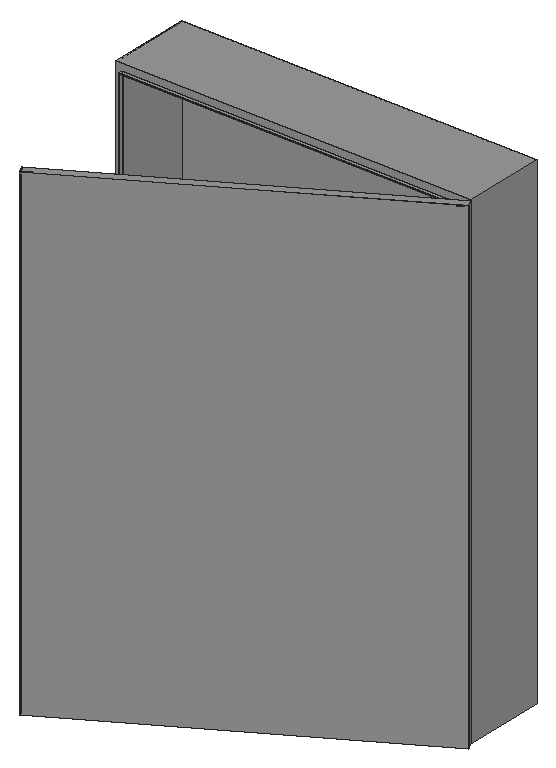
Revit family "Hager-Univers-IP44-D205-H1100-Cl.I-Encl-NoHosted-CH-fr", category Electrical Equipment, Revit 2020
Family settings
  Panel Configuration = Two Columns, Circuits Across
  Round Connector Dimension = Use Diameter
  Part Type = Panelboard
  Work Plane-Based = Yes
  Always vertical = Yes
  Cut with Voids When Loaded = No
  Shared = No
  Room Calculation Point = No
Parameters (values of type "saillie IP44 L800 H1100 P205  - FP73TN2")
  Width Control [instance] = if([EF000008 - largeur] > Min Width, [EF000008 - largeur], Min Width)  # 800 mm
  Type Comments = [HG000003 - Gamme]  # "Univers"
  Thickness Door [instance] = if([EF009171 - épaisseur de matériau de la porte/du couvercle] > 3 mm, 3 mm, [EF009171 - épaisseur de matériau de la porte/du couvercle])  # 1 mm
  Seal Frame Offset [instance] = 17 mm  # constant formula
  Plinth Visibility [instance] = [HG000027 - Hauteur du socle] > 0 mm  # no
  Min Width [instance] = 100 mm  # constant formula
  Min Depth [instance] = (2 * [EF009170 - épaisseur de matériau du boîtier]) + 1 mm  # 3 mm
  Min Height [instance] = 100 mm  # constant formula
  Internal Frame Depth [instance] = (Door System Depth * 0.5)  # 9 mm
  Panel Name [instance] = ""  # (empty or 0)
  Model = ""
  HG000027 - Hauteur du socle = 0 mm
  HG000026 - Installation au sol = no
  HG000024 - Hauteur de la section basse = 600 mm
  HG000023 - Armoire double section = no
  HG000016 - Visibilité de la porte 3D [instance] = yes
  HG000015 - Visibilité de l'emprise de la porte [instance] = no
  HG000014 - Porte à droite [instance] = yes
  HG000013 - Porte à gauche [instance] = not([HG000014 - Porte à droite])  # no
  HG000012 - Angle de pivotement de la porte [instance] = 30.00°
  HG000010 - Portes asymétriques = no
  HG000009 - Porte à double battant = no
  HG000006 - Encastré = no
  HG000004 - Référence fabricant = "FP73TN2"
  HG000003 - Gamme = "Univers"
  HG000002 - avec porte = yes
  Frame Offset Bottom [instance] = 10 mm  # constant formula
  Frame Offset [instance] = 15 mm  # constant formula
  EF015940 - couvercle avec décharge de pression = no
  EF011959 - degré de protection (NEMA) = ""
  EF009554 - nombre d'ouvertures pour plaques à bride = 6
  EF009212 - finition du couvercle = "EV000116 - fermé"
  EF009171 - épaisseur de matériau de la porte/du couvercle = 1 mm
  EF009170 - épaisseur de matériau du boîtier = 1 mm
  EF008873 - courant nominal (In) = 250 A
  EF007800 - adapté à un parafoudre = no
  EF006306 - avec serrure = no
  EF006244 - couvercle/porte transparent(e) = no
  EF005474 - indice de protection (IP) = "EV006418 - IP44"
  EF004464 - type de porte = "EV002646 - unique"
  EF004427 - nombre de modules = 252
  EF004293 - indice de protection contre les chocs (IK) = "EV006815 - IK09"
  EF003532 - convient pour utilisation à l’extérieur = no
  EF002950 - largeur en nombre de modules = 36
  EF001613 - maintien de fonction = "EV000494 - sans"
  EF001596 - matériau du boîtier/corps = "EV000179 - acier"
  EF001131 - profondeur intérieure = 130 mm
  EF001088 - possibilité de montage en saillie = yes
  EF000437 - nombre d'entrées de conduit = 6
  EF000339 - type de capot = "EV001012 - couvercle"
  EF000266 - nombre de rangées = 7
  EF000218 - profondeur d'encastrement = 205 mm
  EF000118 - avec cadre/support de montage = no
  EF000116 - numéro RAL = "9010"
  EF000049 - profondeur = 205 mm
  EF000040 - hauteur = 1100 mm
  EF000008 - largeur = 800 mm
  EF000007 - couleur = "EV000202 - blanc"
  EF000003 - mode de pose = "EV000384 - saillie"
  Door System Leaf Tolerance [instance] = 1.5 mm  # constant formula
  Door System Depth [instance] = 18 mm  # constant formula
  Door Height [instance] = Height Control - [HG000027 - Hauteur du socle]  # 1100 mm
  Description = ""
  Default Elevation = 1219.2 mm
  Connector Offset [instance] = Height Control / 2  # 550 mm
  Manufacturer = "Hager"  # constant formula
  Height Control [instance] = if([EF000040 - hauteur] > Min Height, [EF000040 - hauteur], Min Height)  # 1100 mm
  Depth Control [instance] = if([EF000049 - profondeur] > Min Depth, [EF000049 - profondeur], Min Depth)  # 205 mm
  Bottom Top Plate Trim [instance] = 1.5 mm  # constant formula
  Plinth height Ctrl [instance] = if([HG000027 - Hauteur du socle] > 0 mm, [HG000027 - Hauteur du socle], 12 mm)  # 12 mm
Types (10, lengths in mm): name | Width Control | HG000010 - Portes asymétriques | HG000009 - Porte à double battant | HG000004 - Référence fabricant | EF009554 - nombre d'ouvertures pour plaques à bride | EF004464 - type de porte | EF004427 - nombre de modules | EF002950 - largeur en nombre de modules | EF000437 - nombre d'entrées de conduit | EF000218 - profondeur d'encastrement | EF000008 - largeur
  saillie IP44 L1050 H1100 P205  - FP74QT | 1050 | no | no | "FP74QT" | 8 | "EV003602 - double" | 336 | 48 | 8 | 0 | 1050
  saillie IP44 L1050 H1100 P205  - FP74TN2 | 1050 | no | yes | "FP74TN2" | 8 | "EV003602 - double" | 336 | 48 | 8 | 205 | 1050
  saillie IP44 L1300 H1100 P205  - FP75QT | 1300 | no | no | "FP75QT" | 10 | "EV003602 - double" | 420 | 60 | 10 | 0 | 1300
  saillie IP44 L1300 H1100 P205  - FP75TN2 | 1300 | yes | yes | "FP75TN2" | 10 | "EV003602 - double" | 420 | 60 | 10 | 205 | 1300
  saillie IP44 L300 H1100 P205  - FP71QT | 300 | no | no | "FP71QT" | 2 | "EV002646 - unique" | 84 | 12 | 2 | 0 | 300
  saillie IP44 L300 H1100 P205  - FP71TN2 | 300 | no | no | "FP71TN2" | 2 | "EV002646 - unique" | 84 | 12 | 2 | 205 | 300
  saillie IP44 L550 H1100 P205  - FP72QT | 550 | no | no | "FP72QT" | 4 | "EV002646 - unique" | 168 | 24 | 4 | 0 | 550
  saillie IP44 L550 H1100 P205  - FP72TN2 | 550 | no | no | "FP72TN2" | 4 | "EV002646 - unique" | 168 | 24 | 4 | 205 | 550
  saillie IP44 L800 H1100 P205  - FP73QT | 800 | no | no | "FP73QT" | 6 | "EV002646 - unique" | 252 | 36 | 6 | 0 | 800
  saillie IP44 L800 H1100 P205  - FP73TN2 | 800 | no | no | "FP73TN2" | 6 | "EV002646 - unique" | 252 | 36 | 6 | 205 | 800
Reference planes
  plane 1 "Center (Front/Back)": y = 0
  plane 2: z = 0
  plane 3 "Center (Left/Right)": x = 0
  plane 4: y = 0
  plane 5: y = 0
  plane 6: z = 0
  plane 7: x = -400
  plane 8: x = 400
  plane 9: x = 399
  plane 10: x = -399
  plane 11: z = 0
  plane 12: z = 1
  plane 13: y = -205
  plane 14: y = -1
  plane 15: x = 0
  plane 16: y = -187
  plane 17: y = -204
  plane 18: y = -186
  plane 19: x = -384
  plane 20: x = 384
  plane 21: z = 11
  plane 22: x = -383
  plane 23: x = 383
  plane 24: z = 0
  plane 25: z = 1100
  plane 26: z = 1100
  plane 27: z = 1084
  plane 28: z = 1099
Forms (mm)
  Extrusion 1, solid, material "Hager_Steel_RAL7035_Light_Grey", detail levels medium+fine
    sketch origin (-208.679, -4572, 0) x (-1, 0, 0) y (0, -1, 0)
      loop
        line (191.321, -4385) -> (-608.679, -4385) -> (-608.679, -4572) -> (191.321, -4572) -> (191.321, -4385)
    from 0 to 1100
  Extrusion 2, void
    sketch origin (-350.771, -205, 1219.2) x (1, 0, 0) y (0, 0, 1)
      loop
        line (-48.229, -120.2) -> (-48.229, -1218.2) -> (749.771, -1218.2) -> (749.771, -120.2) -> (-48.229, -120.2)
    from -19 to -204
  Extrusion 3, void
    sketch origin (-290.084, -187, 1219.2) x (1, 0, 0) y (0, 0, 1)
      loop
        line (-93.916, -1208.2) -> (674.084, -1208.2) -> (674.084, -135.2) -> (-93.916, -135.2) -> (-93.916, -1208.2)
    from 0 to -1
  Extrusion 4, solid, material "Hager_Steel_RAL7035_Light_Grey", visible <- "Plinth Visibility", detail levels medium+fine
    sketch origin (0, 0, 0) x (1, 0, 0) y (0, 1, 0)
      loop
        line (-400, 0) -> (-400, -187) -> (400, -187) -> (400, 0) -> (-400, 0)
    from 0 to 12 <- "Plinth height Ctrl"
  Extrusion 5, solid, material "Hager_Steel_RAL7035_Light_Grey", detail levels coarse
    sketch origin (0, 0, 0) x (1, 0, 0) y (0, 1, 0)
      loop
        line (-400, 0) -> (-400, -205) -> (400, -205) -> (400, 0) -> (-400, 0)
    from 0 to 1100 <- "Height Control"
  Sweep 6, void
    path in 3D
      loop
        line (-400, -187, 12) -> (400, -187, 12) -> (400, 0, 12) -> (-400, 0, 12) -> (-400, -187, 12)
    profile origin (-400, -93.5, 12) x (1, 0, 0) y (0, 0, 1)
      loop
        line (0, 0) -> (0, -1.5) -> (1.5, -1.5)
        arc (1.5, -1.5) -> (1.061, -0.439) -> (0, 0) r 1.5
  Extrusion 7, solid, material "Hager_Steel_RAL7035_Light_Grey", detail levels fine
    sketch origin (-400, -187, 0) x (1, 0, 0) y (0, 0, 1)
      loop
        line (16, 11) -> (784, 11) -> (784, 1084) -> (16, 1084) -> (16, 11)
      loop
        line (15, 10) -> (785, 10) -> (785, 1085) -> (15, 1085) -> (15, 10)
    from 0 to 9 <- "Internal Frame Depth"
Cuts and joins
  Extrusion 2, Extrusion 3 cuts Extrusion 1
  Sweep 6 cuts Extrusion 4
Lines and regions (mm)
  Masking region 1
    outline origin (0, 0, 0) x (1, 0, 0) y (0, 1, 0)
      loop
        line (-400, 0) -> (-400, -205) -> (400, -205) -> (400, 0) -> (-400, 0)
  Masking region 2, detail levels coarse
    outline origin (-290.084, -187, 1219.2) x (-1, 0, 0) y (0, 0, 1)
      loop
        line (-690.084, -1219.2) -> (109.916, -1219.2) -> (109.916, -119.2) -> (-690.084, -119.2) -> (-690.084, -1219.2)
  Masking region 3, detail levels coarse
    outline origin (0, 0, 0) x (0, 1, 0) y (0, 0, 1)
      loop
        line (0, 0) -> (0, 1100) -> (-205, 1100) -> (-205, 0) -> (0, 0)
  Masking region 4, visible <- "Plinth Visibility", detail levels medium+fine
    outline origin (0, 0, 0) x (0, 1, 0) y (0, 0, 1)
      loop
        line (-1.5, 12) -> (-185.5, 12)
        arc (-185.5, 12) -> (-185.939, 10.939) -> (-187, 10.5) r 1.5
        line (-187, 10.5) -> (-187, 0) -> (0, 0) -> (0, 10.5)
        arc (0, 10.5) -> (-1.061, 10.939) -> (-1.5, 12) r 1.5
  Masking region 5, detail levels medium+fine
    outline origin (0, 0, 594.038) x (0, 1, 0) y (0, 0, 1)
      loop
        line (0, -594.038) -> (0, 505.962) -> (-187, 505.962) -> (-187, -594.038) -> (0, -594.038)
  Masking region 6, detail levels medium+fine
    outline origin (-359.7, -187, 1211.883) x (-1, 0, 0) y (0, 0, 1)
      loop
        line (-759.7, -1211.883) -> (40.3, -1211.883) -> (40.3, -111.883) -> (-759.7, -111.883) -> (-759.7, -1211.883)
  Masking region 7, visible <- "Plinth Visibility", detail levels medium+fine
    outline origin (-320.334, -187, 1041.368) x (-1, 0, 0) y (0, 0, 1)
      loop
        line (-720.334, -1041.368) -> (79.666, -1041.368) -> (79.666, -1030.868)
        arc (79.666, -1030.868) -> (78.606, -1030.429) -> (78.166, -1029.368) r 1.5
        line (78.166, -1029.368) -> (-718.834, -1029.368)
        arc (-718.834, -1029.368) -> (-719.273, -1030.429) -> (-720.334, -1030.868) r 1.5
        line (-720.334, -1030.868) -> (-720.334, -1041.368)
  sketch lines
    curve 1: line (-400, 0, 12) -> (-400, -187, 12)
    curve 2: line (-400, -187, 12) -> (400, -187, 12)
    curve 3: line (400, 0, 12) -> (-400, 0, 12)
    curve 4: line (400, -187, 12) -> (400, 0, 12)
Dimensions and locks
  locked: plane 1 "Center (Front/Back)" to plane 5
  "EF009170 - épaisseur de matériau du boîtier": plane 7 to plane 10
  "EF009170 - épaisseur de matériau du boîtier": plane 8 to plane 9
  equal spacing: plane 7, plane 3 "Center (Left/Right)", plane 8
  "Width Control": plane 7 to plane 8
  "Depth Control": plane 4 to plane 13
  "EF009170 - épaisseur de matériau du boîtier": plane 4 to plane 14
  "Height Control": plane 25 to level
  "HG000027 - Hauteur du socle": plane 11 to level
  "EF009170 - épaisseur de matériau du boîtier": plane 12 to plane 11
  "EF009170 - épaisseur de matériau du boîtier": plane 17 to plane 13
  "EF009170 - épaisseur de matériau du boîtier": plane 18 to plane 16
  "Frame Offset Bottom": plane 21 to plane 12
  "Frame Offset": plane 10 to plane 19
  "Frame Offset": plane 9 to plane 20
  "Door System Depth": plane 16 to plane 13
  "Seal Frame Offset": plane 7 to plane 22
  "Seal Frame Offset": plane 8 to plane 23
  "EF009170 - épaisseur de matériau du boîtier": plane 26 to plane 28
  "Frame Offset": plane 28 to plane 27
  "Connector Offset": plane 2 to connector elem
  "Bottom Top Plate Trim": profile plane to Sweep 6 sketch curve
  "Bottom Top Plate Trim": Sweep 6 sketch curve to Sweep 6 sketch curve
  "Plinth height Ctrl": Masking region 4 sketch curve to level
  "Plinth height Ctrl": Masking region 7 sketch curve to level
  "Thickness Door": Extrusion 7 sketch curve to Extrusion 7 sketch curve  (x4)
  "Bottom Top Plate Trim": radius of Sweep 6 sketch curve
  "Bottom Top Plate Trim": radius of Masking region 4 sketch curve  (x2)
  "Bottom Top Plate Trim": radius of Masking region 7 sketch curve  (x2)
  aligned and locked: Extrusion 2 sketch curve to plane 12
  aligned and locked: Extrusion 2 sketch curve to plane 9
  aligned and locked: Extrusion 2 sketch curve to plane 10
  aligned and locked: Extrusion 2 to plane 14
  aligned and locked: Extrusion 1 sketch curve to plane 4
  aligned and locked: plane 8 to Extrusion 1 sketch curve
  aligned and locked: plane 7 to Extrusion 1 sketch curve
  aligned and locked: Extrusion 2 to plane 18
  aligned and locked: Extrusion 3 sketch curve to plane 19
  aligned and locked: plane 20 to Extrusion 3 sketch curve
  aligned and locked: Extrusion 3 to Extrusion 2
  aligned and locked: Extrusion 3 sketch curve to plane 21
  aligned and locked: plane 3 "Center (Left/Right)" to nested 1
  aligned and locked: Extrusion 1 sketch curve to plane 16
  aligned and locked: Extrusion 4 sketch curve to cut or joined group of Extrusion 1, Extrusion 2, Extrusion 3
  aligned and locked: Masking region 1 sketch curve to plane 7
  aligned and locked: Masking region 1 sketch curve to plane 5
  aligned and locked: Masking region 1 sketch curve to plane 8
  aligned and locked: Masking region 2 sketch curve to level
  aligned and locked: level to Masking region 3 sketch curve
  aligned and locked: plane 1 "Center (Front/Back)" to Masking region 3 sketch curve
  aligned and locked: plane 13 to Masking region 3 sketch curve
  aligned and locked: plane 5 to Masking region 4 sketch curve
  aligned and locked: Masking region 2 sketch curve to plane 8
  aligned and locked: Masking region 2 sketch curve to plane 7
  aligned and locked: plane 7 to nested 2
  aligned and locked: nested 2 to plane 5
  aligned and locked: plane 5 to Masking region 5 sketch curve
  aligned and locked: plane 26 to Masking region 5 sketch curve
  aligned and locked: Extrusion 5 sketch curve to plane 8
  aligned and locked: Extrusion 5 sketch curve to plane 7
  aligned and locked: Extrusion 5 sketch curve to plane 5
  aligned and locked: Extrusion 3 sketch curve to plane 27
  aligned and locked: Extrusion 2 sketch curve to plane 28
  aligned and locked: Masking region 2 to plane 25
  aligned and locked: Extrusion 4 to plane 16
  aligned and locked: profile plane to Sweep 6 sketch curve
  aligned and locked: Masking region 5 sketch curve to plane 24
  aligned and locked: level to Masking region 4 sketch curve
  aligned and locked: Masking region 1 to plane 13
  aligned and locked: nested 1 to plane 16
  aligned and locked: Masking region 3 to plane 25
  aligned and locked: plane 16 to Masking region 4 sketch curve
  aligned and locked: Masking region 5 sketch curve to plane 16
  aligned and locked: plane 24 to plane 11
  aligned and locked: plane 26 to plane 25
  aligned and locked: plane 26 to cut or joined group of Extrusion 1, Extrusion 2, Extrusion 3
  aligned and locked: nested 1 to plane 24
  aligned and locked: Extrusion 1 to Extrusion 3
  aligned and locked: Masking region 6 sketch curve to plane 8
  aligned and locked: Masking region 6 sketch curve to plane 24
  aligned and locked: Masking region 6 sketch curve to plane 7
  aligned and locked: Masking region 6 sketch curve to plane 26
  aligned and locked: Masking region 7 sketch curve to plane 7
  aligned and locked: level to Masking region 7 sketch curve
  aligned and locked: Masking region 7 sketch curve to plane 8
  aligned and locked: Extrusion 7 sketch curve to cut or joined group of Extrusion 1, Extrusion 2, Extrusion 3  (x4)
Automatic sketch dimensions
  plane 19 to Extrusion 3 sketch curve = 0 mm
  Extrusion 3 sketch curve to plane 20 = 0 mm
  Extrusion 3 sketch curve to plane 21 = 0 mm
  Extrusion 4 sketch curve to plane 7 = 0 mm
  Extrusion 4 sketch curve to plane 8 = 0 mm
  Extrusion 4 sketch curve to plane 16 = 0 mm
  Masking region 1 sketch curve to plane 13 = 0 mm
  Masking region 2 sketch curve to plane 25 = 0 mm
  Masking region 3 sketch curve to plane 25 = 0 mm
  Extrusion 5 sketch curve to plane 13 = 0 mm
  profile plane to Sweep 6 sketch curve = 0 mm
Nested families
  nested 1: "EC000058_Univers_Door" at (0, -187, 0), Double <- "HG000009 - Porte à double battant", Transparent <- "EF006244 - couvercle/porte transparent(e)", Angle <- "HG000012 - Angle de pivotement de la porte", Door_Right <- "HG000014 - Porte à droite", Assymetrical <- "HG000010 - Portes asymétriques", Door <- "HG000002 - avec porte", Width_Ctrl <- "Width Control", 3d_Door <- "HG000016 - Visibilité de la porte 3D", Clearance <- "HG000015 - Visibilité de l'emprise de la porte", Door_Left <- "HG000013 - Porte à gauche", Width <- "Width Control", Door_Depth <- "Door System Depth", Leaf_Tolerance <- "Door System Leaf Tolerance", Height <- "Door Height", Lock_Visibility <- "EF006306 - avec serrure", Thickness <- "Thickness Door", type "EC000058_Univers_Door", detail levels medium+fine
    with min_wh 3 mm, Width_Ctrl 800 mm, Width 800 mm, Transparent no, Thickness 1 mm, Seal_Material Hager_Rubber, Lock_Visibility no, Lock_Material Hager_Plastic_RAL9005_Jet_Black, Leaf_Width 800 mm, Leaf_Tolerance_External_Sides 0 mm, Leaf_Tolerance 1.5 mm, Leaf_Offset 0 mm, Leaf_Height 1097 mm, Leaf_2_Width 800 mm, Leaf_2_Offset 400 mm, Leaf_1_Width 800 mm, Leaf_1_Offset 400 mm, Height_Ctrl 1100 mm, Height 1100 mm, Glass_Material Hager_Glass, Double_Clearance_Ctrl no, Double no, Door_Right_Ctrl yes, Door_Right yes, Door_Material Hager_Steel_RAL7035_Light_Grey, Door_Left_Ctrl no, Door_Left no, Door_Depth 18 mm, Door yes, Clearance_Material Hager_Clearance, Clearance_Depth 800 mm, Clearance_Ctrl no, Clearance no, Assymetrical no, Angle 30.00°, 3d_Door yes
  nested 2: "Hager_Enclosure_Symbol" at (-400, 0, 0), Height <- "Depth Control", Width <- "Width Control", type "Hager_Enclosure_Symbol"
    with Width_Ctrl 800 mm, Width 800 mm, Height_Ctrl 205 mm, Height 205 mm, A_Width_Int 13.453 mm, A_Width 161.438 mm, A_Height_Ctrl 179.375 mm, A_Height 179.375 mm
Connectors
  electrical at (0, 0, 550)
    settings: on plane 1 "Center (Front/Back)", index 1, voltage 0 V, apparent load 0 VA, apparent load phase1 0 VA, apparent load phase2 0 VA, apparent load phase3 0 VA, power factor 1, load classification "Other", number of poles 1, system type 30, power factor state 1, is connector primary yes, connector utility no, sub classification motor no, connector description ""
Definition of nested family "EC000058_Univers_Door"
  Parameters (values of type "EC000058_Univers_Door")
    min_wh [instance] = (2 * Thickness) + 1 mm  # 11 mm
    Width_Ctrl [instance] = 400 mm
    Width [instance] = 500 mm
    Transparent [instance] = yes
    Thickness [instance] = 5 mm
    Seal_Material [instance] = none
    Lock_Visibility [instance] = yes
    Lock_Material [instance] = none
    Leaf_Width [instance] = if((Width_Ctrl - 2 * Leaf_Tolerance_External_Sides) > 0 mm, (Width_Ctrl - 2 * Leaf_Tolerance_External_Sides), min_wh)  # 400 mm
    Leaf_Tolerance_External_Sides [instance] = 0 mm  # constant formula
    Leaf_Tolerance [instance] = 1.5 mm
    Leaf_Offset [instance] = 0 mm  # constant formula
    Leaf_Height [instance] = if((Height_Ctrl - 2 * Leaf_Tolerance) > 0 mm, (Height_Ctrl - 2 * Leaf_Tolerance), min_wh)  # 497 mm
    Leaf_2_Width [instance] = if(and(and(Double, Assymetrical), Door_Left), (Leaf_Width / 3) - (Leaf_Tolerance / 2), if(and(and(Double, Assymetrical), Door_Right), (Leaf_Width / 3) * 2 - (Leaf_Tolerance / 2), if(and(Double, not(Assymetrical)), (Leaf_Width / 2) - Leaf_Tolerance, Leaf_Width)))  # 400 mm
    Leaf_2_Offset [instance] = if(and(Double, Assymetrical), Leaf_2_Width / 2, if(and(Double, not(Assymetrical)), Leaf_Width / 4, Leaf_Width / 2))  # 200 mm
    Leaf_1_Width [instance] = if(and(and(Double, Assymetrical), Door_Right), (Leaf_Width / 3) - (Leaf_Tolerance / 2), if(and(and(Double, Assymetrical), Door_Left), (Width / 3) * 2 - (Leaf_Tolerance / 2), if(and(Double, not(Assymetrical)), (Leaf_Width / 2) - Leaf_Tolerance, Leaf_Width)))  # 400 mm
    Leaf_1_Offset [instance] = if(and(Double, Assymetrical), Leaf_1_Width / 2, if(and(Double, not(Assymetrical)), Leaf_Width / 4, Leaf_Width / 2))  # 200 mm
    Height_Ctrl [instance] = if(Height > min_wh, Height, min_wh)  # 500 mm
    Height [instance] = 500 mm
    Glass_Material [instance] = none
    Double_Clearance_Ctrl [instance] = and(Double, Clearance)  # no
    Double [instance] = no
    Door_Right_Ctrl [instance] = and(or(Door_Right, Double), Door)  # yes
    Door_Right [instance] = yes
    Door_Material [instance] = none
    Door_Left_Ctrl [instance] = and(or(Door_Left, Double), Door)  # no
    Door_Left [instance] = no
    Door_Depth [instance] = 30 mm
    Door [instance] = yes
    Default Elevation = 1219.2 mm
    Clearance_Material [instance] = none
    Clearance_Depth [instance] = if(Leaf_1_Width > Leaf_2_Width, Leaf_1_Width, Leaf_2_Width)  # 400 mm
    Clearance_Ctrl [instance] = and(not(Double), Clearance)  # yes
    Clearance [instance] = yes
    Assymetrical [instance] = yes
    Angle [instance] = 30.00°
    3d_Door [instance] = yes
  Reference planes
    plane 1 "Center (Front/Back)": y = 0
    plane 2 "Bottom": z = 0
    plane 3 "Center (Left/Right)": x = 0
    plane 4: z = 500
    plane 5: x = -200
    plane 6: x = 200
    plane 7: z = 500
    plane 8: x = -200
    plane 9: z = 0
    plane 10: x = 200
    plane 11: y = 0
    plane 12: z = 1.5
    plane 13: x = -600
    plane 14: y = -400
    plane 15: x = 600
    plane 16: x = 0
    plane 17: x = 0
    plane 18: x = -200
    plane 19: x = 200
    plane 20: z = 498.5
  Forms (mm)
    Extrusion 1, solid, material <- "Clearance_Material", visible <- "Double_Clearance_Ctrl"
      sketch origin (1200, 0, 0) x (1, 0, 0) y (0, 0, -1)
        loop
          line (-1800, -498.5) -> (-600, -498.5) -> (-600, 0) -> (-1800, 0) -> (-1800, -498.5)
      from 0 to -400
  Dimensions and locks
    equal spacing: plane 5, plane 3 "Center (Left/Right)", plane 6
    "Width_Ctrl": plane 5 to plane 6
    "Leaf_Offset": plane 5 to plane 8
    "Leaf_Offset": plane 6 to plane 10
    "Leaf_Offset": plane 9 to level
    "Leaf_Offset": plane 4 to plane 7
    "Height_Ctrl": plane 4 to level
    "Leaf_Tolerance": plane 12 to plane 9
    locked: plane 11 to plane 1 "Center (Front/Back)"
    "Leaf_1_Offset": plane 18 to plane 16
    "Leaf_2_Offset": plane 17 to plane 19
    "Leaf_1_Width": plane 13 to plane 8
    "Leaf_2_Width": plane 10 to plane 15
    "Clearance_Depth": plane 14 to plane 1 "Center (Front/Back)"
    "Leaf_Tolerance_External_Sides": plane 8 to plane 18
    "Leaf_Tolerance_External_Sides": plane 19 to plane 10
    "Leaf_Tolerance": plane 7 to plane 20
    aligned and locked: level to plane 2 "Bottom"
    aligned and locked: nested 1 to plane 16
    aligned and locked: nested 2 to plane 17
    aligned and locked: Extrusion 1 to plane 13
    aligned and locked: plane 15 to Extrusion 1
    aligned and locked: Extrusion 1 to plane 14
    aligned and locked: plane 12 to nested 1
    aligned and locked: nested 2 to plane 12
    aligned and locked: Extrusion 1 to plane 11
    aligned and locked: plane 20 to Extrusion 1
    aligned and locked: nested 2 to plane 11
    aligned and locked: nested 1 to plane 11
  Automatic sketch dimensions
    Extrusion 1 sketch curve to level = 0 mm
    plane 5 to Extrusion 1 sketch curve = 400 mm
    plane 6 to Extrusion 1 sketch curve = 400 mm
    Extrusion 1 sketch curve to plane 4 = 1.5 mm
  Nested families
    nested 1: "EC000058_Univers_Door_Leaf" at (0, 0, 1.5), Width <- "Leaf_1_Width", visible <- "Door_Left_Ctrl", Leaf_Height <- "Leaf_Height", Angle <- "Angle", 3d_Door <- "3d_Door", Transparent <- "Transparent", Clearance Material <- "Clearance_Material", Clearance <- "Clearance_Ctrl", Door_Material <- "Door_Material", Glass_Material <- "Glass_Material", Door_Depth <- "Door_Depth", Lock_Material <- "Lock_Material", Seal_Material <- "Seal_Material", Lock_Visibility <- "Lock_Visibility", Thickness <- "Thickness", type "EC000058_Univers_Door_Leaf"
      with Width 400 mm, Transparent_Glass_Offset 30 mm, Transparent_Ctrl yes, Transparent yes, Thickness 5 mm, Standard no, Seal_Material none, Seal_D2 8 mm, Seal_D1 1 mm, Offset_Internal_Frame 10 mm, Lock_Width 20 mm, Lock_Visibility_3d yes, Lock_Visibility yes, Lock_Thickness_3 3 mm, Lock_Thickness_2 1 mm, Lock_Thickness_1 3 mm, Lock_Radius_Offset_2 16 mm, Lock_Radius_Offset_1 15 mm, Lock_Radius_2 5 mm, Lock_Radius 6 mm, Lock_Offset 5 mm, Lock_Material none, Lock_Height 80 mm, Lock_Cover_Top_Offset_2d 17 mm, Lock_Cover_Height -65 mm, Leaf_Height 497 mm, Internal_Seal_Thickness 8 mm, Internal_Seal_Depth_2 4.5 mm, Internal_Frame_Depth 25 mm, Glass_Thickness -1 mm, Glass_Offset -2 mm, Glass_Material none, Door_Material none, Door_Depth 30 mm, Clearance Material none, Clearance yes, Angle_Ctrl 30.00°, Angle 30.00°, 3d_Door yes
    nested 2: "EC000058_Univers_Door_Leaf" at (0, 0, 1.5) x (-1, 0, 0) z (0, 0, 1), Width <- "Leaf_2_Width", visible <- "Door_Right_Ctrl", Leaf_Height <- "Leaf_Height", Angle <- "Angle", 3d_Door <- "3d_Door", Transparent <- "Transparent", Clearance Material <- "Clearance_Material", Clearance <- "Clearance_Ctrl", Door_Material <- "Door_Material", Glass_Material <- "Glass_Material", Door_Depth <- "Door_Depth", Lock_Material <- "Lock_Material", Seal_Material <- "Seal_Material", Lock_Visibility <- "Lock_Visibility", Thickness <- "Thickness", type "EC000058_Univers_Door_Leaf"
      with Width 400 mm, Transparent_Glass_Offset 30 mm, Transparent_Ctrl yes, Transparent yes, Thickness 5 mm, Standard no, Seal_Material none, Seal_D2 8 mm, Seal_D1 1 mm, Offset_Internal_Frame 10 mm, Lock_Width 20 mm, Lock_Visibility_3d yes, Lock_Visibility yes, Lock_Thickness_3 3 mm, Lock_Thickness_2 1 mm, Lock_Thickness_1 3 mm, Lock_Radius_Offset_2 16 mm, Lock_Radius_Offset_1 15 mm, Lock_Radius_2 5 mm, Lock_Radius 6 mm, Lock_Offset 5 mm, Lock_Material none, Lock_Height 80 mm, Lock_Cover_Top_Offset_2d 17 mm, Lock_Cover_Height -65 mm, Leaf_Height 497 mm, Internal_Seal_Thickness 8 mm, Internal_Seal_Depth_2 4.5 mm, Internal_Frame_Depth 25 mm, Glass_Thickness -1 mm, Glass_Offset -2 mm, Glass_Material none, Door_Material none, Door_Depth 30 mm, Clearance Material none, Clearance yes, Angle_Ctrl 30.00°, Angle 30.00°, 3d_Door yes
  Definition of nested family "EC000058_Univers_Door_Leaf"
    Parameters (values of type "EC000058_Univers_Door_Leaf")
      Width [instance] = 2000 mm
      Transparent_Glass_Offset [instance] = 30 mm
      Transparent_Ctrl [instance] = and(Transparent, [3d_Door])  # yes
      Transparent [instance] = yes
      Thickness [instance] = 5 mm
      Standard [instance] = and(not(Transparent), [3d_Door])  # no
      Seal_Material [instance] = none
      Seal_D2 [instance] = 8 mm  # constant formula
      Seal_D1 [instance] = 1 mm  # constant formula
      Offset_Internal_Frame [instance] = 10 mm  # constant formula
      Lock_Width [instance] = 20 mm  # constant formula
      Lock_Visibility_3d [instance] = and(Lock_Visibility, [3d_Door])  # yes
      Lock_Visibility [instance] = yes
      Lock_Thickness_3 [instance] = 3 mm  # constant formula
      Lock_Thickness_2 [instance] = 1 mm  # constant formula
      Lock_Thickness_1 [instance] = 3 mm  # constant formula
      Lock_Radius_Offset_2 [instance] = Lock_Radius_Offset_1 + 1 mm  # 16 mm
      Lock_Radius_Offset_1 [instance] = 15 mm  # constant formula
      Lock_Radius_2 [instance] = Lock_Radius - 1 mm  # 5 mm
      Lock_Radius [instance] = 6 mm  # constant formula
      Lock_Offset [instance] = 5 mm  # constant formula
      Lock_Material [instance] = none
      Lock_Height [instance] = 80 mm  # constant formula
      Lock_Cover_Top_Offset_2d [instance] = Lock_Radius_Offset_2 + 1 mm  # 17 mm
      Lock_Cover_Height [instance] = -(Lock_Height - Lock_Radius_Offset_1)  # -65 mm
      Leaf_Height [instance] = 2720.336 mm
      Internal_Seal_Thickness [instance] = 8 mm  # constant formula
      Internal_Seal_Depth_2 [instance] = 4.5 mm  # constant formula
      Internal_Frame_Depth [instance] = if(Door_Depth - Thickness > 5 mm, Door_Depth - Thickness, 5 mm)  # 25 mm
      Glass_Thickness [instance] = if(Thickness > 15 mm, Glass_Offset + 10 mm, -1 mm)  # -1 mm
      Glass_Offset [instance] = if(Thickness > 15 mm, -(Thickness + 10 mm) / 2, -2 mm)  # -2 mm
      Glass_Material [instance] = none
      Door_Material [instance] = none
      Door_Depth [instance] = 30 mm
      Default Elevation = 0 mm
      Clearance Material [instance] = none
      Clearance [instance] = yes
      Angle_Ctrl [instance] = if(Angle > 180.00°, 180.00°, Angle)  # 90.00°
      Angle [instance] = 90.00°
      3d_Door [instance] = yes
    Reference planes
      plane 1 "Center (Front/Back)": y = 0
      plane 2: z = 0
      plane 3 "Center (Left/Right)": x = 0
      plane 4: y = 2000
      plane 5: x = -1000
      plane 6: x = 1000
      plane 7: x = -3000
      plane 8: z = 2720.336
      plane 9: z = 30
      plane 10: z = 2690.336
      plane 11: x = 970
      plane 12: x = -970
      plane 13: y = -3
      plane 14: z = 107.833
      plane 15: y = -5
      plane 16: y = -223.314
      plane 17: x = -1000
      plane 18: z = 1360.168
      plane 19: y = 30
    Forms (mm)
      Extrusion 1, solid, material <- "Clearance Material", visible <- "Clearance"
        sketch origin (0, 0, 0) x (1, 0, 0) y (0, 0, 1)
          loop
            line (-3000, 2720.336) -> (-3000, 0) -> (1000, 0) -> (1000, 2720.336) -> (-3000, 2720.336)
        from 0 to -2000
      Extrusion 2, solid, material <- "Door_Material", visible <- "Standard", detail levels medium+fine
        sketch origin (-1000, 0, 0) x (0, 1, 0) y (-1, 0, 0)
          loop
            line (0, 30) -> (0, 25) -> (2000, 25) -> (2000, 30) -> (0, 30)
        from 0 to 2720.336 <- "Leaf_Height"
      Extrusion 3, solid, material <- "Door_Material", visible <- "Transparent_Ctrl", detail levels medium+fine
        sketch origin (-1000, 0, 0) x (0, 1, 0) y (-1, 0, 0)
          loop
            line (0, 25) -> (2000, 25) -> (2000, 30) -> (0, 30) -> (0, 25)
        from 0 to 2720.336 <- "Leaf_Height"
      Extrusion 4, void
        sketch origin (-1025, 2000, 0) x (0, 1, 0) y (0, 0, -1)
          loop
            line (-30, -2690.336) -> (-30, -30) -> (-1970, -30) -> (-1970, -2690.336) -> (-30, -2690.336)
        from 0 to 5 <- "Thickness"
      Sweep 5, solid, material <- "Seal_Material", visible <- "Transparent_Ctrl", detail levels fine
        path in 3D
          loop
            line (-1025, 30, 30) -> (-1025, 30, 2690.336) -> (-1025, 1970, 2690.336) -> (-1025, 1970, 30) -> (-1025, 30, 30)
        profile origin (-1025, 1000, 30) x (1, 0, 0) y (0, 0, 1)
          loop
            line (0, 0) -> (0, -8) -> (1, -8) -> (1, 0) -> (0, 0)
      Extrusion 6, solid, material <- "Glass_Material", visible <- "Transparent_Ctrl", detail levels medium+fine
        sketch origin (-1030, 0, 0) x (0, 1, 0) y (0, 0, -1)
          loop
            line (1970, -2690.336) -> (1970, -30) -> (30, -30) -> (30, -2690.336) -> (1970, -2690.336)
        from -2 <- "Glass_Offset" to -1 <- "Glass_Thickness"
      Extrusion 7, solid, material <- "Door_Material", visible <- "3d_Door", detail levels medium+fine
        sketch origin (-1025, 2000, 0) x (0, -1, 0) y (0, 0, -1)
          loop
            line (0, -2720.336) -> (2000, -2720.336) -> (2000, 0) -> (0, 0) -> (0, -2720.336)
          loop
            line (1995, -5) -> (5, -5) -> (5, -2715.336) -> (1995, -2715.336) -> (1995, -5)
        from 0 to 25 <- "Internal_Frame_Depth"
      Sweep 8, solid, material <- "Seal_Material", visible <- "Transparent_Ctrl", detail levels fine
        path in 3D
          loop
            line (-1025, 0, 0) -> (-1025, 2000, 0) -> (-1025, 2000, 2720.336) -> (-1025, 0, 2720.336) -> (-1025, 0, 0)
        profile origin (-1025, 0, 1360.168) x (1, 0, 0) y (0, 1, 0)
          loop
            line (0, 10) -> (2.975, 10)
            arc (2.975, 10) -> (4.053, 10.447) -> (4.5, 11.525) r 1.525
            line (4.5, 11.525) -> (4.5, 16.527)
            arc (4.5, 16.527) -> (4.069, 17.569) -> (3.027, 18) r 1.473
            line (3.027, 18) -> (0, 18) -> (0, 10)
      Extrusion 9, solid, material <- "Lock_Material", visible <- "Lock_Visibility_3d", detail levels fine
        sketch origin (-1030, 0, 0) x (0, 1, 0) y (0, 0, -1)
          loop
            arc (1993.5, -1400.168) -> (1994.561, -1399.729) -> (1995, -1398.668) r 1.5
            line (1995, -1398.668) -> (1995, -1320.168) -> (1975, -1320.168) -> (1975, -1398.668)
            arc (1975, -1398.668) -> (1975.439, -1399.729) -> (1976.5, -1400.168) r 1.5
            line (1976.5, -1400.168) -> (1993.5, -1400.168)
        from 3 <- "Lock_Thickness_1" to 0
      Blend 10, solid, material <- "Lock_Material", visible <- "Lock_Visibility_3d", detail levels fine
        base sketch origin (-1033, 0, 0) x (0, 1, 0) y (0, 0, -1)
          loop
            line (1975, -1320.168) -> (1975, -1398.668)
            arc (1975, -1398.668) -> (1975.439, -1399.729) -> (1976.5, -1400.168) r 1.5
            line (1976.5, -1400.168) -> (1993.5, -1400.168)
            arc (1993.5, -1400.168) -> (1994.561, -1399.729) -> (1995, -1398.668) r 1.5
            line (1995, -1398.668) -> (1995, -1320.168) -> (1975, -1320.168)
        top sketch origin (-1033, 0, 0) x (0, 1, 0) y (0, 0, -1)
          loop
            line (1976, -1320.168) -> (1976, -1398.668)
            arc (1976, -1398.668) -> (1976.146, -1399.022) -> (1976.5, -1399.168) r 0.5
            line (1976.5, -1399.168) -> (1993.5, -1399.168)
            arc (1993.5, -1399.168) -> (1993.854, -1399.022) -> (1994, -1398.668) r 0.5
            line (1994, -1398.668) -> (1994, -1320.168) -> (1976, -1320.168)
        from 0 to 1 <- "Lock_Thickness_2"
      Blend 11, solid, material <- "Lock_Material", visible <- "Lock_Visibility_3d", detail levels fine
        base sketch origin (-1034, 0, 0) x (0, 1, 0) y (0, 0, -1)
          loop
            line (1978, -1320.168) -> (1978, -1384.168)
            arc (1978, -1384.168) -> (1985, -1391.168) -> (1992, -1384.168) r 7
            line (1992, -1384.168) -> (1992, -1320.168) -> (1978, -1320.168)
        top sketch origin (-1034, 0, 0) x (0, 1, 0) y (0, 0, -1)
          loop
            line (1991, -1320.168) -> (1979, -1320.168) -> (1979, -1383.168)
            arc (1979, -1383.168) -> (1985, -1389.168) -> (1991, -1383.168) r 6
            line (1991, -1383.168) -> (1991, -1320.168)
        from 0 to 3 <- "Lock_Thickness_3"
      Extrusion 12, solid, material <- "Lock_Material", visible <- "Lock_Visibility_3d", detail levels fine
        sketch origin (-1030, 1975, 1320.168) x (1, 0, 0) y (0, -1, 0)
          loop
            line (-7, -19) -> (-7, -1) -> (0, -1) -> (0, 0) -> (-8, 0) -> (-8, -20) -> (0, -20) -> (0, -19) -> (-7, -19)
        from 0 to -65 <- "Lock_Cover_Height"
      Extrusion 13, void
        sketch origin (-1038, 1995, 1320.168) x (-1, 0, 0) y (0, 0, -1)
          loop
            line (-5, -65) -> (0, -65) -> (-5, -60) -> (-5, -65)
        from 0 to 20 <- "Lock_Width"
      Extrusion 14, void
        sketch origin (-1038, 1975, 1320.168) x (0, -1, 0) y (0, 0, -1)
          loop
            circle (-10, -15.995) r 6
          loop
            circle (-10, -15.995) r 5
        from 0 to 2
      Extrusion 15, solid, material <- "Lock_Material", visible <- "Lock_Visibility_3d", detail levels medium
        sketch origin (-1030, 0, 0) x (0, 1, 0) y (0, 0, -1)
          loop
            arc (1993.5, -1400.168) -> (1994.561, -1399.729) -> (1995, -1398.668) r 1.5
            line (1995, -1398.668) -> (1995, -1320.168) -> (1975, -1320.168) -> (1975, -1398.668)
            arc (1975, -1398.668) -> (1975.439, -1399.729) -> (1976.5, -1400.168) r 1.5
            line (1976.5, -1400.168) -> (1993.5, -1400.168)
        from 8 to 0
    Cuts and joins
      Extrusion 4 cuts Extrusion 3
      Extrusion 13, Extrusion 14 cuts Extrusion 9
      Extrusion 14 cuts Blend 11
      Extrusion 13, Extrusion 14 cuts Extrusion 12
      joined: Extrusion 9, Blend 10, Blend 11, Extrusion 12
      Extrusion 14 cuts Extrusion 15
    Lines and regions (mm)
      Masking region 1, visible <- "Lock_Visibility", detail levels fine
        outline origin (0, 0, 0) x (0, 1, 0) y (0, 0, 1)
          loop
            line (30, 1320.168) -> (33, 1320.168) -> (33, 1400.168) -> (30, 1400.168) -> (30, 1320.168)
      Masking region 2, visible <- "Lock_Visibility", detail levels fine
        outline origin (0, 3.143, 0) x (0, 1, 0) y (0, 0, 1)
          loop
            line (29.857, 1354.168) -> (30.857, 1354.168) -> (30.857, 1366.168) -> (29.857, 1366.168) -> (29.857, 1354.168)
      Masking region 3, detail levels medium+fine
        outline origin (0, 0, 0) x (0, 1, 0) y (0, 0, 1)
          loop
            line (0, 0) -> (30, 0) -> (30, 2720.336) -> (0, 2720.336) -> (0, 0)
      Masking region 4, detail levels medium+fine
        outline origin (0, 0, 0) x (1, 0, 0) y (0, 0, 1)
          loop
            line (-1000, 2720.336) -> (-1000, 0) -> (1000, 0) -> (1000, 2720.336) -> (-1000, 2720.336)
      Masking region 5, visible <- "Lock_Visibility", detail levels fine
        outline origin (-47.116, 0, 0) x (1, 0, 0) y (0, 0, 1)
          loop
            arc (1024.616, 1399.168) -> (1023.556, 1398.729) -> (1023.116, 1397.668) r 1.5
            line (1023.116, 1397.668) -> (1023.116, 1320.168) -> (1041.116, 1320.168) -> (1041.116, 1397.668)
            arc (1041.116, 1397.668) -> (1040.677, 1398.729) -> (1039.616, 1399.168) r 1.5
            line (1039.616, 1399.168) -> (1024.616, 1399.168)
      Masking region 6, visible <- "Lock_Visibility", detail levels medium+fine
        outline origin (-25, 0, 0) x (1, 0, 0) y (0, 0, 1)
          loop
            arc (1001.5, 1400.168) -> (1000.439, 1399.729) -> (1000, 1398.668) r 1.5
            line (1000, 1398.668) -> (1000, 1320.168) -> (1020, 1320.168) -> (1020, 1398.668)
            arc (1020, 1398.668) -> (1019.561, 1399.729) -> (1018.5, 1400.168) r 1.5
            line (1018.5, 1400.168) -> (1001.5, 1400.168)
      Masking region 7, visible <- "Lock_Visibility", detail levels fine
        outline origin (-73.735, 0, 0) x (1, 0, 0) y (0, 0, 1)
          loop
            line (1051.735, 1382.168) -> (1065.735, 1382.168) -> (1065.735, 1384.168)
            arc (1065.735, 1384.168) -> (1058.735, 1391.168) -> (1051.735, 1384.168) r 7
            line (1051.735, 1384.168) -> (1051.735, 1382.168)
      Masking region 8, visible <- "Lock_Visibility", detail levels fine
        outline origin (-73.735, 0, 0) x (1, 0, 0) y (0, 0, 1)
          loop
            line (1052.735, 1382.168) -> (1064.735, 1382.168) -> (1064.735, 1383.168)
            arc (1064.735, 1383.168) -> (1058.735, 1389.168) -> (1052.735, 1383.168) r 6
            line (1052.735, 1383.168) -> (1052.735, 1382.168)
      Masking region 9, visible <- "Lock_Visibility", detail levels fine
        outline origin (-25, 0, 0) x (1, 0, 0) y (0, 0, 1)
          loop
            line (1020, 1320.168) -> (1020, 1382.168) -> (1000, 1382.168) -> (1000, 1320.168) -> (1020, 1320.168)
      Masking region 10, detail levels medium+fine
        outline origin (0, 0, 0) x (1, 0, 0) y (0, 0, 1)
          loop
            circle (985, 1335.144) r 6
      Masking region 11, detail levels fine
        outline origin (0, 0, 0) x (1, 0, 0) y (0, 0, 1)
          loop
            circle (985, 1335.144) r 5
      Masking region 12, visible <- "Lock_Visibility", detail levels fine
        outline origin (0, 12.767, 0) x (0, 1, 0) y (0, 0, 1)
          loop
            line (20.233, 1320.168) -> (21.233, 1320.168) -> (21.233, 1399.168) -> (20.233, 1400.168) -> (20.233, 1320.168)
      Masking region 13, visible <- "Lock_Visibility", detail levels fine
        outline origin (0, 13.767, -10) x (0, 1, 0) y (0, 0, 1)
          loop
            line (20.233, 1330.168) -> (23.233, 1330.168) -> (23.233, 1399.168) -> (20.233, 1402.168) -> (20.233, 1330.168)
      Masking region 14, visible <- "Lock_Visibility", detail levels fine
        outline origin (0, 12.767, -10) x (0, 1, 0) y (0, 0, 1)
          loop
            line (20.233, 1330.168) -> (25.233, 1330.168) -> (25.233, 1399.305) -> (20.233, 1394.305) -> (20.233, 1330.168)
      Masking region 15, visible <- "Lock_Visibility", detail levels medium
        outline origin (0, 0, 0) x (0, 1, 0) y (0, 0, 1)
          loop
            line (30, 1320.168) -> (38, 1320.168) -> (38, 1400.168) -> (30, 1400.168) -> (30, 1320.168)
      Masking region 16, visible <- "Lock_Visibility", detail levels fine
        outline origin (-1000, 0, 0) x (0, 1, 0) y (-1, 0, 0)
          loop
            line (1975, 30) -> (1995, 30) -> (1995, 38) -> (1975, 38) -> (1975, 30)
          loop
            line (1979, 37) -> (1976, 37) -> (1976, 34) -> (1978, 34) -> (1979, 37)
          loop
            line (1994, 37) -> (1991, 37) -> (1992, 34) -> (1994, 34) -> (1994, 37)
      Masking region 17, visible <- "Lock_Visibility", detail levels medium
        outline origin (-1000, 0, 0) x (0, 1, 0) y (-1, 0, 0)
          loop
            line (1975, 30) -> (1995, 30) -> (1995, 38) -> (1975, 38) -> (1975, 30)
      symbolic lines
        curve 1: line (1000, 0, 0) -> (-3000, 0, 0)
        curve 2: arc (1000, 0, 0) -> (-1000, 2000, 0) -> (-3000, 0, 0) r 2000
        curve 4: line (-1030, 0, 0) -> (-1030, 2000, 0)
      reference lines
        curve 3: line (-1000, 0, 0) -> (-1000, 2000, 0)
      symbolic lines, detail levels medium+fine
        curve 5: line (-1030, 2000, 0) -> (-1025, 2000, 0)
        curve 7: line (-1025, 0, 0) -> (-1030, 0, 0)
        curve 8: line (-1025, 0, 0) -> (-1000, 0, 0)
        curve 9: line (-1000, 0, 0) -> (-1000, 2000, 0)
        curve 10: line (-1000, 2000, 0) -> (-1025, 2000, 0)
      symbolic lines, detail levels fine
        curve 6: line (-1025, 2000, 0) -> (-1025, 0, 0)
      sketch lines
        curve 11: line (-1025, 0, 2720.336) -> (-1025, 0, 0)
        curve 12: line (-1025, 2000, 0) -> (-1025, 0, 0)
        curve 13: line (-1025, 2000, 2720.336) -> (-1025, 2000, 0)
        curve 14: line (-1025, 0, 2720.336) -> (-1025, 2000, 2720.336)
        curve 15: line (-1025, 1970, 30) -> (-1025, 30, 30)
        curve 16: line (-1025, 30, 30) -> (-1025, 30, 2690.336)
        curve 17: line (-1025, 1970, 2690.336) -> (-1025, 1970, 30)
        curve 18: line (-1025, 30, 2690.336) -> (-1025, 1970, 2690.336)
      symbolic lines, visible <- "Transparent", detail levels medium+fine
        curve 19: line (-970, 0, 2690.336) -> (970, 0, 2690.336)
        curve 20: line (-970, 0, 30) -> (-970, 0, 2690.336)
        curve 21: line (970, 0, 30) -> (-970, 0, 30)
        curve 22: line (970, 0, 2690.336) -> (970, 0, 30)
    Dimensions and locks
      "Width": plane 1 "Center (Front/Back)" to plane 4
      equal spacing: plane 5, plane 3 "Center (Left/Right)", plane 6
      "Width": plane 5 to plane 6
      "Width": plane 7 to plane 5
      "Leaf_Height": plane 8 to level
      "Width": curve 5 to curve 3
      "Width": curve 3 to curve 3
      plane 8 to plane 10 = 30 mm
      plane 9 to level = 30 mm
      plane 12 to plane 5 = 30 mm
      plane 6 to plane 11 = 30 mm
      Extrusion 1 to Extrusion 4 sketch curve = 30 mm
      "Transparent_Glass_Offset": curve 3 to Extrusion 4 sketch curve
      "Transparent_Glass_Offset": Extrusion 4 sketch curve to cut or joined group of Extrusion 3, Extrusion 4  (x2)
      cut or joined group of Extrusion 3, Extrusion 4 to Extrusion 6 sketch curve = 30 mm
      "Transparent_Glass_Offset": cut or joined group of Extrusion 3, Extrusion 4 to Extrusion 4 sketch curve
      "Thickness": curve 6 to curve 4
      "Thickness": Extrusion 7 sketch curve to Extrusion 7 sketch curve  (x4)
      "Door_Depth": curve 4 to curve 3
      "Offset_Internal_Frame": profile plane to Sweep 8 sketch curve
      "Internal_Seal_Thickness": Sweep 8 sketch curve to Sweep 8 sketch curve
      "Internal_Seal_Depth_2": profile plane to Sweep 8 sketch curve
      "Seal_D1": profile plane to Sweep 5 sketch curve
      "Seal_D2": profile plane to Sweep 5 sketch curve
      "Thickness": Extrusion 2 sketch curve to Extrusion 2 sketch curve
      equal spacing: Extrusion 9 sketch curve, plane 18, Extrusion 9 sketch curve  (x2)
      equal spacing: Masking region 1 sketch curve, plane 18, Masking region 1 sketch curve
      "Lock_Height": Masking region 1 sketch curve to Masking region 1 sketch curve
      "Lock_Radius": Masking region 2 sketch curve to plane 18 to Masking region 2 sketch curve
      Masking region 2 sketch curve to Masking region 1 = 1 mm
      "Door_Depth": plane 19 to plane 1 "Center (Front/Back)"
      "Lock_Thickness_1": Masking region 1 sketch curve to plane 19
      "Lock_Width": Extrusion 9 sketch curve to Extrusion 9 sketch curve
      "Lock_Height": Extrusion 9 sketch curve to Extrusion 9 sketch curve
      "Lock_Offset": cut or joined group of Extrusion 3, Extrusion 4 to Extrusion 9 sketch curve
      equal spacing: plane 8, plane 18, level
      "Lock_Radius_Offset_1": Blend 11 sketch curve to Blend 10
      locked: Blend 10 to Blend 11 sketch curve at 2  (x2)
      locked: var sketch to Blend 11 sketch curve at 1  (x2)
      "Lock_Radius_Offset_2": Blend 11 sketch curve to Blend 10
      locked: Extrusion 12 sketch curve to Extrusion 12 sketch curve at 1  (x3)
      Masking region 6 sketch curve to Masking region 6 sketch curve = 80 mm
      "Lock_Height": Masking region 6 sketch curve to Masking region 6 sketch curve
      "Lock_Width": Masking region 6 sketch curve to Masking region 6 sketch curve
      locked: Masking region 6 to Masking region 5 sketch curve at 1  (x3)
      locked: Masking region 5 to Masking region 7 sketch curve at 2  (x2)
      "Lock_Radius_Offset_1": Masking region 5 to Masking region 7 sketch curve
      "Lock_Radius_Offset_2": Masking region 5 to Masking region 8 sketch curve
      locked: Masking region 7 to Masking region 8 sketch curve at 1  (x2)
      "Lock_Cover_Top_Offset_2d": Masking region 5 to Masking region 9 sketch curve
      equal spacing: Masking region 9, Masking region 10 sketch curve, Masking region 9
      equal spacing: Masking region 9, Masking region 11 sketch curve, Masking region 9
      Extrusion 15 sketch curve to Extrusion 15 sketch curve = 80 mm
      "Lock_Width": Extrusion 15 sketch curve to Extrusion 15 sketch curve
      "Lock_Height": Extrusion 15 sketch curve to Extrusion 15 sketch curve
      equal spacing: Extrusion 15 sketch curve, plane 18, Extrusion 15 sketch curve
      "Lock_Thickness_3": Masking region 13 sketch curve to Masking region 13 sketch curve
      "Lock_Height": Masking region 12 sketch curve to Masking region 12 sketch curve
      locked: Masking region 13 sketch curve to Masking region 1 at 8
      locked: Masking region 14 sketch curve to Masking region 13 at 1
      locked: Masking region 14 sketch curve to Masking region 1 at 10.863
      "Lock_Height": Masking region 15 sketch curve to Masking region 15 sketch curve
      "Lock_Offset": Extrusion 15 sketch curve to cut or joined group of Extrusion 3, Extrusion 4
      "Lock_Offset": plane 6 to Masking region 6 sketch curve
      radius of Sweep 8 sketch curve = 1.525 mm
      radius of Sweep 8 sketch curve = 1.473 mm
      radius of Extrusion 9 sketch curve = 1.5 mm  (x2)
      "Lock_Radius": radius of Extrusion 14 sketch curve
      "Lock_Radius_2": radius of Extrusion 14 sketch curve
      "Lock_Radius": radius of Masking region 10 sketch curve
      "Lock_Radius_2": radius of Masking region 11 sketch curve
      radius of Extrusion 15 sketch curve = 1.5 mm  (x2)
      "Angle_Ctrl": angle plane 1 "Center (Front/Back)" to curve 3
      locked: Masking region 12 sketch curve to Masking region 12 sketch curve (angle 45.00°)
      locked: Masking region 13 sketch curve to Masking region 13 sketch curve (angle 45.00°)
      locked: Masking region 14 sketch curve to Masking region 14 sketch curve (angle 45.00°)
      aligned and locked: level to plane 2
      aligned and locked: Extrusion 1 to curve 1
      aligned and locked: plane 6 to Extrusion 1
      aligned and locked: Extrusion 1 to plane 1 "Center (Front/Back)"
      aligned and locked: plane 4 to Extrusion 1
      aligned and locked: plane 8 to Extrusion 1
      aligned and locked: curve 7 to Extrusion 2 sketch curve
      aligned and locked: curve 5 to Extrusion 2 sketch curve
      aligned and locked: curve 7 to Extrusion 3 sketch curve
      aligned and locked: Extrusion 3 sketch curve to curve 4
      aligned and locked: Extrusion 3 sketch curve to curve 6
      aligned and locked: Extrusion 3 sketch curve to curve 5
      aligned and locked: curve 9 to curve 3
      aligned and locked: Extrusion 7 sketch curve to cut or joined group of Extrusion 3, Extrusion 4  (x4)
      aligned and locked: plane 17 to curve 3
      aligned and locked: plane 1 "Center (Front/Back)" to curve 3
      aligned and locked: plane 17 to plane 5
      aligned and locked: Sweep 8 sketch curve to profile plane
      aligned and locked: Sweep 5 sketch curve to profile plane  (x2)
      aligned and locked: Masking region 1 to Masking region 2 sketch curve
      aligned and locked: plane 19 to Masking region 1 sketch curve
      aligned and locked: plane 1 "Center (Front/Back)" to Masking region 3 sketch curve
      aligned and locked: plane 19 to Masking region 3 sketch curve
      aligned and locked: level to Masking region 3 sketch curve
      aligned and locked: Masking region 3 sketch curve to plane 8
      aligned and locked: plane 17 to Masking region 4 sketch curve
      aligned and locked: level to Masking region 4 sketch curve
      aligned and locked: Masking region 4 sketch curve to plane 8
      aligned and locked: plane 12 to curve 20
      aligned and locked: plane 10 to curve 19
      aligned and locked: plane 11 to curve 22
      aligned and locked: curve 21 to plane 9
      aligned and locked: Extrusion 2 sketch curve to cut or joined group of Extrusion 3, Extrusion 4
      aligned and locked: Blend 10 sketch curve to Extrusion 9  (x4)
      aligned and locked: Extrusion 9 to Blend 10 sketch curve
      aligned and locked: Blend 10 to Blend 11 sketch curve
      aligned and locked: Extrusion 12 sketch curve to Blend 11
      aligned and locked: Extrusion 12 sketch curve to Extrusion 9  (x4)
      aligned and locked: Masking region 5 sketch curve to Masking region 6
      aligned and locked: Masking region 9 sketch curve to Masking region 6  (x3)
      aligned and locked: Masking region 12 sketch curve to Masking region 1
      aligned and locked: Masking region 13 sketch curve to Masking region 1
      aligned and locked: Masking region 12 to Masking region 14
      aligned and locked: Masking region 14 sketch curve to Masking region 1
      aligned and locked: Masking region 15 sketch curve to Masking region 14
      aligned and locked: Masking region 13 sketch curve to Masking region 12
      aligned and locked: Masking region 16 sketch curve to cut or joined group of Extrusion 14, Extrusion 15  (x4)
      aligned and locked: Masking region 16 sketch curve to cut or joined group of Extrusion 9, Blend 10, Blend 11, Extrusion 12, Extrusion 13, Extrusion 14  (x6)
      aligned and locked: cut or joined group of Extrusion 9, Blend 10, Blend 11, Extrusion 12, Extrusion 13, Extrusion 14 to Masking region 16 sketch curve
      aligned and locked: Masking region 17 sketch curve to cut or joined group of Extrusion 14, Extrusion 15  (x3)
      aligned and locked: Masking region 17 sketch curve to cut or joined group of Extrusion 9, Blend 10, Blend 11, Extrusion 12, Extrusion 13, Extrusion 14
      aligned and locked: Masking region 9 to Masking region 8 sketch curve
      aligned and locked: Masking region 9 to Masking region 7 sketch curve
    Automatic sketch dimensions
      plane 1 "Center (Front/Back)" to curve 2 = 0 mm
      curve 2 to plane 5 = 0 mm
      Extrusion 1 sketch curve to level = 0 mm
      Extrusion 1 sketch curve to plane 7 = 0 mm
      Extrusion 1 sketch curve to plane 6 = 0 mm
      Extrusion 1 sketch curve to plane 8 = 0 mm
      Extrusion 3 to Extrusion 6 sketch curve = 30 mm  (x4)
      Masking region 4 sketch curve to plane 6 = 0 mm
      Blend 10 sketch curve to Extrusion 9 = 1.5 mm
      Blend 10 sketch curve to Extrusion 9 = 1 mm
      Extrusion 13 sketch curve to Extrusion 12 = 0 mm  (x2)
      Extrusion 12 to Extrusion 13 sketch curve = 3 mm
      Extrusion 13 sketch curve to Extrusion 12 = 5 mm
      Extrusion 14 sketch curve to Extrusion 14 sketch curve = 0 mm  (x2)
      Extrusion 14 sketch curve to Extrusion 12 = 10 mm
      Extrusion 14 sketch curve to Extrusion 12 = 15.995 mm
      Masking region 5 sketch curve to Masking region 5 sketch curve = 1.5 mm  (x2)
      Masking region 10 sketch curve to plane 18 = 25.024 mm
      Masking region 11 sketch curve to plane 18 = 25.024 mm
      plane 19 to Masking region 14 sketch curve = 3 mm
      Masking region 16 sketch curve to Masking region 16 sketch curve = 3 mm
      curve 4 to curve 3 = 0 mm
      Blend 10 to Blend 11 sketch curve = 0 mm
      Masking region 6 sketch curve to Masking region 6 sketch curve = 1.5 mm  (x2)
      Masking region 6 sketch curve to plane 18 = 40 mm
      plane 19 to Masking region 12 sketch curve = 3 mm
      Masking region 12 sketch curve to Masking region 12 sketch curve = 1 mm
      Masking region 15 sketch curve to plane 19 = 0 mm
      Masking region 15 sketch curve to plane 18 = 40 mm
      radius of Blend 10 sketch curve to Extrusion 9 = 1 mm
Definition of nested family "Hager_Enclosure_Symbol"
  Parameters (values of type "Hager_Enclosure_Symbol")
    Width_Ctrl [instance] = if(Width > 1 mm, Width, 1 mm)  # 102.27 mm
    Width [instance] = 102.27 mm
    Height_Ctrl [instance] = if(Height > 1 mm, Height, 1 mm)  # 66.5 mm
    A_Width_Int [instance] = if(A_Width / 12 > 2 mm, A_Width / 12, 2 mm)  # 4.364 mm
    A_Width [instance] = if(A_Height_Ctrl * 0.9 > 2 mm, A_Height_Ctrl * 0.9, 2 mm)  # 52.369 mm
    A_Height_Ctrl [instance] = if(A_Height > 2 mm, A_Height, 2 mm)  # 58.188 mm
    Height [instance] = 66.5 mm
    A_Height [instance] = Height - (Height / 8)  # 58.188 mm
  Reference planes
    plane 1 "Centre (avant/arrière)": y = 0
    plane 2: z = 0
    plane 3 "Centre (gauche/droite)": x = 0
    plane 4: x = 52.369
    plane 5: y = 33.042
    plane 6: y = 41.77
    plane 7: y = 66.5
    plane 8: x = 26.184
    plane 9: y = 37.406
    plane 10: x = 102.27
    plane 11: y = 66.5
    plane 12: y = 8.313
  Lines and regions (mm)
    Filled region 1, type "Solid_Black", in view "Niveau de réf."
      outline origin (0, 0, 0) x (1, 0, 0) y (0, 1, 0)
        loop
          line (52.369, 66.5) -> (33.188, 54.536) -> (45.365, 45.006) -> (52.369, 66.5)
    Filled region 2, type "Solid_Black", in view "Niveau de réf."
      outline origin (0, 0, 0) x (1, 0, 0) y (0, 1, 0)
        loop
          line (0, 0) -> (102.27, 0) -> (102.27, 66.5) -> (0, 0)
    detail lines, in view "Niveau de réf."
      curve 1: line (0, 8.313, 0) -> (26.184, 41.77, 0)
      curve 2: line (26.184, 41.77, 0) -> (26.184, 33.042, 0)
      curve 3: line (26.184, 33.042, 0) -> (52.369, 66.5, 0)
  Dimensions and locks
    "A_Width": plane 3 "Centre (gauche/droite)" to plane 4
    equal spacing: plane 3 "Centre (gauche/droite)", plane 8, plane 4
    equal spacing: plane 6, plane 9, plane 5
    equal spacing: curve 3, Filled region 1 sketch curve, Filled region 1 sketch curve
    "Height_Ctrl": plane 1 "Centre (avant/arrière)" to plane 11
    "A_Height_Ctrl": plane 11 to plane 12
    equal spacing: plane 11, plane 9, plane 12
    "A_Width_Int": plane 6 to plane 9
    "Width_Ctrl": plane 3 "Centre (gauche/droite)" to plane 10
    angle Filled region 1 sketch curve to curve 3 = 20.00°
    angle curve 3 to Filled region 1 sketch curve = 20.00°
    locked: curve 3 to Filled region 1 sketch curve (angle 90.00°)
    aligned and locked: plane 10 to Filled region 2
    aligned and locked: plane 11 to Filled region 2 sketch curve
    aligned and locked: plane 10 to Filled region 2 sketch curve
    aligned and locked: plane 3 "Centre (gauche/droite)" to curve 1
    aligned and locked: plane 12 to curve 1
    aligned and locked: plane 7 to plane 11
  Automatic sketch dimensions
    Filled region 1 sketch curve to plane 4 = 0 mm
    Filled region 1 sketch curve to plane 7 = 0 mm
    plane 1 "Centre (avant/arrière)" to Filled region 2 sketch curve = 0 mm
    Filled region 2 sketch curve to plane 3 "Centre (gauche/droite)" = 0 mm
    curve 2 to plane 6 = 0 mm
    curve 2 to plane 8 = 0 mm
    curve 3 to plane 4 = 0 mm
    curve 2 to plane 5 = 0 mm
    curve 3 to plane 7 = 0 mm
